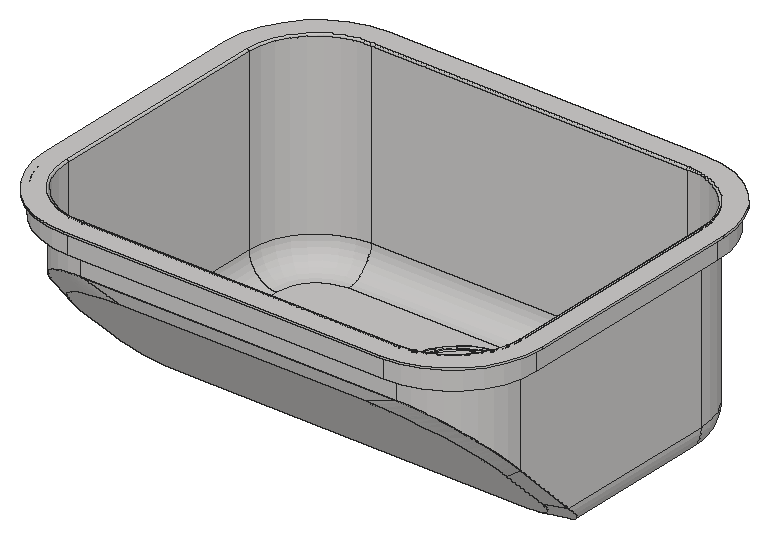
Revit family
Parameters
  Length = 550 mm  # constant formula
  Waste Connection Radius = Waste Connection Diameter / 2  # 45 mm
  Waste Connection = 1 = 1  # yes
  Vent Connection = 1 = 0  # no
  URL = "www.kwikot.com"
  Product Code = "SWT-RIBP"
  Model = "Classique Wash Trough Laundry Series"
  Manufacturer = "Kwikot"  # constant formula
  Keynote = "22 41 16.16"
  Drain Stopper Visibility = yes
  Description = "Single Bowl Stainless Steel Drop In"
  Width = 450 mm  # constant formula
  Depth = 230 mm  # constant formula
  HW Connection = 1 = 0  # no
  Family created by = "www.rbuiltcomponents.com"
  Waste Connection Diameter = 90 mm  # constant formula
  CW Connection = 1 = 0  # no
  Body Finish = Stainless_Steel-Kwikot-Satin
  Assembly Code = "D2010400"
Reference planes
  plane 1 "Bottom": z = 0
  plane 2 "Center (Front/Back)": y = -188
  plane 3 "Center (Left/Right)": x = -140
  plane 4 "Top": z = 230
  plane 5 "Bowl Top": z = 228
  plane 6: x = -415
  plane 7: x = 135
  plane 8: y = -413
  plane 9 "Back": y = 37
  plane 10: x = 110
  plane 11: x = -390
  plane 12: y = 12
  plane 13: y = -388
  plane 14 "Drain": y = -83
  plane 15 "Slope": through (0, -181.143, -33.143) normal (0, 0.7071, 0.7071)
Forms (mm)
  Sweep 1, solid, material "Stainless_Steel-Kwikot-Satin" <- "Body Finish"
    path origin (0, 0, 230) x (-1, 0, 0) y (0, -1, 0)
      loop
        arc (315, -12) -> (368.033, 9.967) -> (390, 63) r 75
        line (390, 63) -> (390, 313)
        arc (390, 313) -> (368.033, 366.033) -> (315, 388) r 75
        line (315, 388) -> (-35, 388)
        arc (-35, 388) -> (-88.033, 366.033) -> (-110, 313) r 75
        line (-110, 313) -> (-110, 63)
        arc (-110, 63) -> (-88.033, 9.967) -> (-35, -12) r 75
        line (-35, -12) -> (315, -12)
    profile origin (-140, 12, 230) x (0, 1, 0) y (0, 0, 1)
      loop
        line (0, -2) -> (0, -198)
        arc (0, -198) -> (-9.08, -219.92) -> (-31, -229) r 31
        line (-31, -229) -> (-35, -229) -> (-35, -230) -> (-31, -230)
        arc (-31, -230) -> (-8.373, -220.627) -> (1, -198) r 32
        line (1, -198) -> (1, -3)
        arc (1, -3) -> (1.293, -2.293) -> (2, -2) r 1
        line (2, -2) -> (18, -2) -> (18, -26) -> (19, -26) -> (19, -2) -> (25, -2) -> (25, 0) -> (2, 0)
        arc (2, 0) -> (0.586, -0.586) -> (0, -2) r 2
  Extrusion 2, solid, material "Stainless_Steel-Kwikot-Satin" <- "Body Finish"
    sketch origin (0, 0, 0) x (1, 0, 0) y (0, 1, 0)
      loop
        circle (-140, -83) r 58.5
      loop
        arc (-315, -23) -> (-343.284, -34.716) -> (-355, -63) r 40
        line (-355, -63) -> (-355, -313) -> (75, -313) -> (75, -63)
        arc (75, -63) -> (63.284, -34.716) -> (35, -23) r 40
        line (35, -23) -> (-315, -23)
    from 1 to 0
  Revolve 3, solid, material "Stainless_Steel-Kwikot-Satin" <- "Body Finish", visible <- "Drain Stopper Visibility"
    sketch origin (0, -83, 0) x (1, 0, 0) y (0, 0, 1)
      loop
        line (-140.039, 1.027) -> (-144.084, 1.027)
        arc (-144.084, 1.027) -> (-145.334, -0.223) -> (-144.084, -1.473) r 1.25
        line (-144.084, -1.473) -> (-143.039, -1.473) -> (-143.039, -6.473)
        arc (-143.039, -6.473) -> (-144.211, -9.301) -> (-147.039, -10.473) r 4
        line (-147.039, -10.473) -> (-175.039, -10.473)
        arc (-175.039, -10.473) -> (-178.575, -9.008) -> (-180.039, -5.473) r 5
        line (-180.039, -5.473) -> (-180.039, -3.995)
        arc (-180.039, -3.995) -> (-180.077, -2.357) -> (-181.489, -3.187) r 0.95
        line (-181.489, -3.187) -> (-181.489, -1.607)
        arc (-181.489, -1.607) -> (-181.782, -0.9) -> (-182.489, -0.607) r 1
        line (-182.489, -0.607) -> (-192.039, -0.607) -> (-192.039, -1.607) -> (-182.489, -1.607) -> (-182.489, -5.473) -> (-181.039, -5.473)
        arc (-181.039, -5.473) -> (-179.282, -9.715) -> (-175.039, -11.473) r 6
        line (-175.039, -11.473) -> (-140.039, -11.473) -> (-140.039, 1.027)
      axis (-140.039, 1.027) -> (-140.039, -11.473)
    angle from 0 to 360
  Extrusion 4, void
    sketch origin (-170.202, 60.252, 0) x (1, 0, 0) y (0, 1, 0)
      loop
        line (-2.798, -141.752) -> (-2.798, -144.752) -> (7.202, -144.752) -> (7.202, -141.752) -> (-2.798, -141.752)
      loop
        line (63.202, -141.752) -> (53.202, -141.752) -> (53.202, -144.752) -> (63.202, -144.752) -> (63.202, -141.752)
      loop
        line (-0.86, -154.494) -> (0.288, -157.266) -> (9.527, -153.439) -> (8.379, -150.667) -> (-0.86, -154.494)
      loop
        line (60.116, -129.237) -> (50.877, -133.064) -> (52.025, -135.836) -> (61.264, -132.009) -> (60.116, -129.237)
      loop
        line (5.807, -165.525) -> (7.928, -167.647) -> (14.999, -160.576) -> (12.878, -158.454) -> (5.807, -165.525)
      loop
        line (52.476, -118.856) -> (45.405, -125.927) -> (47.526, -128.049) -> (54.597, -120.978) -> (52.476, -118.856)
      loop
        line (16.188, -173.166) -> (18.959, -174.314) -> (22.786, -165.075) -> (20.015, -163.927) -> (16.188, -173.166)
      loop
        line (41.445, -112.189) -> (37.618, -121.428) -> (40.39, -122.576) -> (44.216, -113.338) -> (41.445, -112.189)
      loop
        line (28.702, -176.252) -> (31.702, -176.252) -> (31.702, -166.252) -> (28.702, -166.252) -> (28.702, -176.252)
      loop
        line (28.702, -110.252) -> (28.702, -120.252) -> (31.702, -120.252) -> (31.702, -110.252) -> (28.702, -110.252)
      loop
        line (41.445, -174.314) -> (44.216, -173.166) -> (40.39, -163.927) -> (37.618, -165.075) -> (41.445, -174.314)
      loop
        line (16.188, -113.338) -> (20.015, -122.576) -> (22.786, -121.428) -> (18.959, -112.189) -> (16.188, -113.338)
      loop
        line (52.476, -167.647) -> (54.597, -165.525) -> (47.526, -158.454) -> (45.405, -160.576) -> (52.476, -167.647)
      loop
        line (5.807, -120.978) -> (12.878, -128.049) -> (14.999, -125.927) -> (7.928, -118.856) -> (5.807, -120.978)
      loop
        line (60.116, -157.266) -> (61.264, -154.494) -> (52.025, -150.667) -> (50.877, -153.439) -> (60.116, -157.266)
      loop
        line (-0.86, -132.009) -> (8.379, -135.836) -> (9.527, -133.064) -> (0.288, -129.237) -> (-0.86, -132.009)
    from -16.779 to 10
  Revolve 5, solid, material "Stainless_Steel-Kwikot-Satin" <- "Body Finish"
    sketch origin (0, -83, 0) x (1, 0, 0) y (0, 0, 1)
      loop
        line (-185, -2.086) -> (-194.595, -2.086)
        arc (-194.595, -2.086) -> (-195.24, -1.763) -> (-195.5, -1.091) r 1
        line (-195.5, -1.091) -> (-195.5, 0)
        arc (-195.5, 0) -> (-195.793, 0.707) -> (-196.5, 1) r 1
        line (-196.5, 1) -> (-198.5, 1) -> (-198.5, 0) -> (-196.5, 0) -> (-196.5, -1.091)
        arc (-196.5, -1.091) -> (-195.961, -2.457) -> (-194.634, -3.086) r 2
        line (-194.634, -3.086) -> (-186, -3.086) -> (-186, -7) -> (-185, -7) -> (-185, -2.086)
      axis (-140, 1) -> (-140, -7)
    angle from 0 to 360
  Extrusion 6, void
    sketch origin (-140, 0, 0) x (0, 1, 0) y (0, 0, 1)
      loop
        line (-214.287, 0) -> (-413, 198.713) -> (-413, 0) -> (-214.287, 0)
    from -300 to 300
  SweptBlend 7, solid, material "Stainless_Steel-Kwikot-Satin" <- "Body Finish"
    path origin (-140, 0, 0) x (0, 1, 0) y (0, 0, 1)
      loop
        line (-301.643, 87.357) -> (-307.316, 81.684)
    profile origin (-140, -301.643, 87.357) x (0, 0.707107, -0.707107) y (1, 0, 0)
      loop
        spline (-123.541, -175) -> (-122.614, -184.956) -> (-119.877, -194.665) -> (-115.356, -204.085) -> (-109.138, -212.997) -> (-101.327, -221.268) -> (-92.056, -228.737) -> (-81.496, -235.291) -> (-69.784, -240.821) -> (-57.207, -245.208) -> (-43.86, -248.412) -> (-30.159, -250.34) -> (-16.061, -251)
        line (-16.061, -251) -> (78.286, -251)
        spline (78.286, -251) -> (84.216, -250.723) -> (89.993, -249.91) -> (95.601, -248.565) -> (100.915, -246.712) -> (105.836, -244.387) -> (110.286, -241.628) -> (114.189, -238.48) -> (117.475, -234.997) -> (120.093, -231.243) -> (121.996, -227.286) -> (123.149, -223.195) -> (123.541, -219)
        line (123.541, -219) -> (123.541, 219)
        spline (123.541, 219) -> (123.149, 223.193) -> (122, 227.278) -> (120.097, 231.243) -> (117.477, 235.001) -> (114.189, 238.481) -> (110.287, 241.627) -> (105.835, 244.387) -> (100.909, 246.711) -> (95.6, 248.562) -> (90.005, 249.908) -> (84.219, 250.723) -> (78.286, 251)
        line (78.286, 251) -> (-16.061, 251)
        spline (-16.061, 251) -> (-30.156, 250.34) -> (-43.866, 248.411) -> (-57.208, 245.207) -> (-69.784, 240.821) -> (-81.496, 235.291) -> (-92.056, 228.742) -> (-101.327, 221.268) -> (-109.145, 212.988) -> (-115.349, 204.095) -> (-119.882, 194.657) -> (-122.607, 184.969) -> (-123.541, 175)
        line (-123.541, 175) -> (-123.541, -175)
    end profile origin (-140, -307.316, 81.684) x (0, 0.707107, -0.707107) y (1, 0, 0)
      loop
        arc (108.541, 186) -> (93.896, 221.355) -> (58.541, 236) r 50
        line (58.541, 236) -> (-8.541, 236)
        arc (-8.541, 236) -> (-79.252, 206.711) -> (-108.541, 136) r 100
        line (-108.541, 136) -> (-108.541, -136)
        arc (-108.541, -136) -> (-79.252, -206.711) -> (-8.541, -236) r 100
        line (-8.541, -236) -> (58.541, -236)
        arc (58.541, -236) -> (93.896, -221.355) -> (108.541, -186) r 50
        line (108.541, -186) -> (108.541, 186)
  Extrusion 8, solid, material "Stainless_Steel-Kwikot-Satin" <- "Body Finish"
    sketch origin (-140, 0, 0) x (0, 1, 0) y (0, 0, 1)
      loop
        line (-366.198, 154.104) -> (-366.198, 158.226)
        arc (-366.198, 158.226) -> (-367.657, 161.748) -> (-371.18, 163.207) r 4.981
        line (-371.18, 163.207) -> (-377.494, 163.207) -> (-224.629, 10.342) -> (-224.629, 16.788)
        arc (-224.629, 16.788) -> (-226.093, 20.324) -> (-229.629, 21.788) r 5
        line (-229.629, 21.788) -> (-233.771, 21.788)
        arc (-233.771, 21.788) -> (-237.306, 23.253) -> (-238.771, 26.788) r 5
        line (-238.771, 26.788) -> (-238.771, 30.93)
        arc (-238.771, 30.93) -> (-240.235, 34.466) -> (-243.771, 35.93) r 5
        line (-243.771, 35.93) -> (-247.913, 35.93)
        arc (-247.913, 35.93) -> (-251.449, 37.395) -> (-252.913, 40.93) r 5
        line (-252.913, 40.93) -> (-252.913, 45.072)
        arc (-252.913, 45.072) -> (-254.378, 48.608) -> (-257.913, 50.072) r 5
        line (-257.913, 50.072) -> (-262.055, 50.072)
        arc (-262.055, 50.072) -> (-265.591, 51.537) -> (-267.055, 55.072) r 5
        line (-267.055, 55.072) -> (-267.055, 59.214)
        arc (-267.055, 59.214) -> (-268.52, 62.75) -> (-272.055, 64.214) r 5
        line (-272.055, 64.214) -> (-276.197, 64.214)
        arc (-276.197, 64.214) -> (-279.733, 65.679) -> (-281.197, 69.214) r 5
        line (-281.197, 69.214) -> (-281.197, 73.357)
        arc (-281.197, 73.357) -> (-282.662, 76.892) -> (-286.197, 78.357) r 5
        line (-286.197, 78.357) -> (-290.339, 78.357)
        arc (-290.339, 78.357) -> (-293.875, 79.821) -> (-295.339, 83.357) r 5
        line (-295.339, 83.357) -> (-295.339, 87.499)
        arc (-295.339, 87.499) -> (-296.804, 91.034) -> (-300.339, 92.499) r 5
        line (-300.339, 92.499) -> (-304.482, 92.499)
        arc (-304.482, 92.499) -> (-308.017, 93.963) -> (-309.482, 97.499) r 5
        line (-309.482, 97.499) -> (-309.482, 101.641)
        arc (-309.482, 101.641) -> (-310.946, 105.176) -> (-314.482, 106.641) r 5
        line (-314.482, 106.641) -> (-318.624, 106.641)
        arc (-318.624, 106.641) -> (-322.159, 108.105) -> (-323.624, 111.641) r 5
        line (-323.624, 111.641) -> (-323.624, 115.783)
        arc (-323.624, 115.783) -> (-325.088, 119.318) -> (-328.624, 120.783) r 5
        line (-328.624, 120.783) -> (-332.766, 120.783)
        arc (-332.766, 120.783) -> (-336.302, 122.247) -> (-337.766, 125.783) r 5
        line (-337.766, 125.783) -> (-337.766, 129.924)
        arc (-337.766, 129.924) -> (-339.231, 133.459) -> (-342.765, 134.923) r 4.999
        line (-342.765, 134.923) -> (-346.913, 134.923)
        arc (-346.913, 134.923) -> (-350.451, 136.389) -> (-351.917, 139.927) r 5.005
        line (-351.917, 139.927) -> (-351.917, 144.049)
        arc (-351.917, 144.049) -> (-353.376, 147.571) -> (-356.899, 149.03) r 4.981
        line (-356.899, 149.03) -> (-361.124, 149.03)
        arc (-361.124, 149.03) -> (-364.712, 150.516) -> (-366.198, 154.104) r 5.074
    from -200 to 200
Cuts and joins
  Extrusion 4 cuts Revolve 3
  Extrusion 6 cuts Sweep 1
  Extrusion 6 cuts Extrusion 2
  joined: Sweep 1, Extrusion 2
  joined: SweptBlend 7, Extrusion 8
Lines and regions (mm)
  Masking region 1
    outline origin (0, 0, 0) x (1, 0, 0) y (0, 1, 0)
      loop
        arc (-315, 37) -> (-385.711, 7.711) -> (-415, -63) r 100
        line (-415, -63) -> (-415, -313)
        arc (-415, -313) -> (-385.711, -383.711) -> (-315, -413) r 100
        line (-315, -413) -> (35, -413)
        arc (35, -413) -> (105.711, -383.711) -> (135, -313) r 100
        line (135, -313) -> (135, -63)
        arc (135, -63) -> (105.711, 7.711) -> (35, 37) r 100
        line (35, 37) -> (-315, 37)
  Masking region 2
    outline origin (0, -188, 0) x (1, 0, 0) y (0, 0, 1)
      loop
        line (135, 230) -> (-415, 230) -> (-415, 228) -> (-409, 228) -> (-409, 204) -> (-389.75, 204) -> (-387.023, 29.476)
        arc (-387.023, 29.476) -> (-378.055, 8.602) -> (-357.028, 0) r 30
        line (-357.028, 0) -> (-186.25, 0) -> (-183.75, -5) -> (-96.25, -5) -> (-93.75, 0) -> (77.028, 0)
        arc (77.028, 0) -> (98.055, 8.602) -> (107.023, 29.476) r 30
        line (107.023, 29.476) -> (109.75, 204) -> (129, 204) -> (129, 228) -> (135, 228) -> (135, 230)
  Masking region 3
    outline origin (95, 0, 0) x (0, 1, 0) y (0, 0, 1)
      loop
        line (37, 230) -> (-413, 230) -> (-413, 228) -> (-406, 228) -> (-406, 204) -> (-387.63, 204) -> (-387.176, 174.522)
        arc (-387.176, 174.522) -> (-385.596, 167.034) -> (-381.32, 160.688) r 20
        line (-381.32, 160.688) -> (-226.49, 5.858)
        arc (-226.49, 5.858) -> (-220.002, 1.522) -> (-212.348, 0) r 20
        line (-212.348, 0) -> (-130.5, 0) -> (-128, -5) -> (-38, -5) -> (-35.354, 0.292)
        arc (-35.354, 0.292) -> (-3.828, 16.283) -> (9.243, 49.127) r 50
        line (9.243, 49.127) -> (11.63, 204) -> (30, 204) -> (30, 228) -> (37, 228) -> (37, 230)
  symbolic lines, style "Sink"
    curve 1: line (-186.25, -188, 0) -> (-93.75, -188, 0)
    curve 2: line (95, 11.63, 204) -> (95, -387.63, 204)
    curve 3: line (95, -35.5, 0) -> (95, -130.5, 0)
    curve 4: line (-315, 12, 0) -> (35, 12, 0)
    curve 5: line (-390, -313, 0) -> (-390, -63, 0)
    curve 6: line (35, -388, 0) -> (-315, -388, 0)
    curve 7: line (110, -63, 0) -> (110, -313, 0)
    curve 8: line (-390.125, -188, 204) -> (110.125, -188, 204)
    curve 9: arc (-315, 12, 0) -> (-368.033, -9.967, 0) -> (-390, -63, 0) r 75
    curve 10: arc (110, -63, 0) -> (88.033, -9.967, 0) -> (35, 12, 0) r 75
    curve 11: arc (110, -313, 0) -> (88.033, -366.033, 0) -> (35, -388, 0) r 75
    curve 12: arc (-315, -388, 0) -> (-368.033, -366.033, 0) -> (-390, -313, 0) r 75
    curve 13: arc (-180.039, -82.748, 0) -> (-140.039, -42.748, 0) -> (-100.039, -82.748, 0) r 40
    curve 14: arc (-100.039, -82.748, 0) -> (-140.039, -122.748, 0) -> (-180.039, -82.748, 0) r 40
  symbolic lines, style "Sink", detail levels fine
    curve 15: arc (-195.039, -82.748, 0) -> (-140.039, -27.748, 0) -> (-85.039, -82.748, 0) r 55
    curve 16: arc (-85.039, -82.748, 0) -> (-140.039, -137.748, 0) -> (-195.039, -82.748, 0) r 55
    curve 18: line (-340, -224.629, 0) -> (-340, -369.629, 0)
    curve 19: line (60, -369.629, 0) -> (60, -224.629, 0)
    curve 20: line (60, -224.629, 0) -> (-340, -224.629, 0)
    curve 21: line (60, -237.129, 0) -> (-340, -237.129, 0)
    curve 22: line (60, -252.129, 0) -> (-340, -252.129, 0)
    curve 23: line (60, -267.129, 0) -> (-340, -267.129, 0)
    curve 24: line (60, -282.129, 0) -> (-340, -282.129, 0)
    curve 25: line (60, -297.129, 0) -> (-340, -297.129, 0)
    curve 26: line (60, -312.129, 0) -> (-340, -312.129, 0)
    curve 27: line (60, -327.129, 0) -> (-340, -327.129, 0)
    curve 28: line (60, -342.129, 0) -> (-340, -342.129, 0)
    curve 29: line (60, -357.129, 0) -> (-340, -357.129, 0)
    curve 30: line (60, -369.629, 0) -> (-340, -369.629, 0)
  reference lines
    curve 17: line (-390, -381.692, 167.405) -> (110, -381.692, 167.405)
Dimensions and locks
  locked: plane 4 "Top" to level at 230
  plane 4 "Top" to plane 5 "Bowl Top" = 2 mm
  equal spacing: plane 6, plane 3 "Center (Left/Right)", plane 7
  locked: plane 6 to plane 7 at 550
  equal spacing: plane 11, plane 3 "Center (Left/Right)", plane 10
  locked: plane 11 to plane 10 at 500
  equal spacing: plane 8, plane 2 "Center (Front/Back)", plane 9 "Back"
  locked: plane 8 to plane 9 "Back" at 450
  equal spacing: plane 13, plane 2 "Center (Front/Back)", plane 12
  locked: plane 13 to plane 12 at 400
  locked: plane 14 "Drain" to plane 12 at 95
  locked: plane 15 "Slope" to plane 8 at 140.511
  locked: plane 1 "Bottom" to plane 15 "Slope" (angle 45.00°)
  aligned and locked: plane 1 "Bottom" to Extrusion 6 sketch curve
  aligned and locked: plane 8 to Extrusion 6 sketch curve
  aligned and locked: plane 11 to curve 5
  aligned and locked: plane 12 to curve 4
  aligned and locked: curve 7 to plane 10
  aligned and locked: curve 6 to plane 13
  aligned and locked: plane 6 to Masking region 1 sketch curve
  aligned and locked: plane 9 "Back" to Masking region 1 sketch curve
  aligned and locked: Masking region 1 sketch curve to plane 7
  aligned and locked: Masking region 1 sketch curve to plane 8
  aligned and locked: Masking region 2 to curve 8
  aligned and locked: cut or joined group of Sweep 1, Extrusion 2, Extrusion 6 to curve 2
Automatic sketch dimensions
  plane 6 to Masking region 1 sketch curve = 100 mm
  Masking region 1 sketch curve to plane 7 = 100 mm
  Masking region 1 sketch curve to plane 13 = 75 mm
  plane 12 to Masking region 1 sketch curve = 75 mm
  Extrusion 4 sketch curve to plane 2 "Center (Front/Back)" = 103.5 mm  (x2)
  Extrusion 4 sketch curve to plane 3 "Center (Left/Right)" = 33 mm
  Extrusion 4 sketch curve to plane 2 "Center (Front/Back)" = 93.757 mm
  Extrusion 4 sketch curve to Extrusion 4 sketch curve = 1.938 mm  (x5)
  Extrusion 4 sketch curve to plane 2 "Center (Front/Back)" = 116.243 mm
  Extrusion 4 sketch curve to plane 2 "Center (Front/Back)" = 119.014 mm  (x2)
  Extrusion 4 sketch curve to Extrusion 4 sketch curve = 1.148 mm  (x8)
  Extrusion 4 sketch curve to plane 2 "Center (Front/Back)" = 90.986 mm  (x2)
  Extrusion 4 sketch curve to Extrusion 4 sketch curve = 5.519 mm  (x4)
  Extrusion 4 sketch curve to Extrusion 4 sketch curve = 10 mm
  Extrusion 4 sketch curve to Extrusion 4 sketch curve = 2.121 mm  (x8)
  Extrusion 4 sketch curve to plane 2 "Center (Front/Back)" = 97.584 mm  (x2)
  Extrusion 4 sketch curve to plane 2 "Center (Front/Back)" = 112.416 mm  (x2)
  Extrusion 4 sketch curve to Extrusion 4 sketch curve = 3.351 mm  (x8)
  Extrusion 4 sketch curve to Extrusion 4 sketch curve = 8.259 mm  (x4)
  Extrusion 4 sketch curve to Extrusion 4 sketch curve = 2.772 mm  (x4)
  Extrusion 4 sketch curve to Extrusion 4 sketch curve = 5.015 mm  (x8)
  Extrusion 4 sketch curve to plane 3 "Center (Left/Right)" = 1.5 mm  (x2)
  plane 3 "Center (Left/Right)" to Extrusion 4 sketch curve = 1.5 mm  (x2)
  Extrusion 4 sketch curve to Extrusion 4 sketch curve = 5.916 mm  (x2)
  Extrusion 4 sketch curve to Extrusion 4 sketch curve = 9.743 mm  (x2)
  Extrusion 4 sketch curve to Extrusion 4 sketch curve = 1.177 mm  (x3)
  Extrusion 4 sketch curve to plane 2 "Center (Front/Back)" = 106.5 mm  (x2)
  Sweep 1 sketch curve to plane 10 = 0 mm
  plane 13 to Sweep 1 sketch curve = 0 mm
  plane 12 to Sweep 1 sketch curve = 0 mm
  Sweep 1 sketch curve to plane 11 = 0 mm
  Sweep 1 sketch curve to plane 10 = 75 mm  (x2)
  plane 11 to Sweep 1 sketch curve = 75 mm  (x2)
  Sweep 1 sketch curve to Sweep 1 sketch curve = 0 mm  (x4)
  Sweep 1 sketch curve to Sweep 1 sketch curve = 1 mm  (x3)
  Sweep 1 sketch curve to profile plane = 0 mm  (x2)
  profile plane to Sweep 1 sketch curve = 31 mm
  Sweep 1 sketch curve to Sweep 1 sketch curve = 4 mm
  Sweep 1 sketch curve to profile plane = 1 mm
  Sweep 1 sketch curve to profile plane = 18 mm
  Sweep 1 sketch curve to Sweep 1 sketch curve = 6 mm
  Sweep 1 sketch curve to Sweep 1 sketch curve = 172 mm
  Sweep 1 sketch curve to Sweep 1 sketch curve = 24 mm
  Revolve 5 sketch curve to Revolve 5 sketch curve = 0 mm  (x3)
  Revolve 5 sketch curve to level = 0 mm  (x2)
  Revolve 5 sketch curve to plane 3 "Center (Left/Right)" = 0 mm
  Revolve 5 sketch curve to level = 7 mm
  Revolve 5 sketch curve to plane 3 "Center (Left/Right)" = 45 mm
  Revolve 5 sketch curve to Revolve 5 sketch curve = 1 mm  (x3)
  Revolve 5 sketch curve to level = 1.091 mm
  Revolve 5 sketch curve to Revolve 5 sketch curve = 8.5 mm
  Revolve 5 sketch curve to Revolve 5 sketch curve = 0.095 mm
  Revolve 5 sketch curve to Revolve 5 sketch curve = 0.039 mm
  Revolve 5 sketch curve to Revolve 5 sketch curve = 2 mm
  Revolve 5 sketch curve to level = 24.058 mm
  level to Revolve 5 sketch curve = 25.942 mm
  Revolve 3 sketch curve to Revolve 3 sketch curve = 0 mm  (x4)
  Revolve 3 sketch curve to level = 1.607 mm  (x2)
  Revolve 3 sketch curve to plane 3 "Center (Left/Right)" = 52.039 mm
  Revolve 3 sketch curve to Revolve 3 sketch curve = 9.55 mm
  Revolve 3 sketch curve to Revolve 3 sketch curve = 1 mm  (x2)
  Revolve 3 sketch curve to Revolve 3 sketch curve = 1.45 mm
  Revolve 3 sketch curve to Revolve 3 sketch curve = 0.95 mm
  Revolve 3 sketch curve to Revolve 3 sketch curve = 0.5 mm
  Revolve 3 sketch curve to Revolve 3 sketch curve = 5 mm
  Revolve 3 sketch curve to plane 3 "Center (Left/Right)" = 7.039 mm
  level to Revolve 3 sketch curve = 1.027 mm
  Revolve 3 sketch curve to plane 3 "Center (Left/Right)" = 4.084 mm
  Revolve 3 sketch curve to Revolve 3 sketch curve = 1.044 mm
  Revolve 3 sketch curve to plane 3 "Center (Left/Right)" = 0.039 mm  (x2)
  Revolve 3 sketch curve to Revolve 3 sketch curve = 1.58 mm
  Revolve 3 sketch curve to Revolve 3 sketch curve = 2.286 mm
  Revolve 3 sketch curve to Revolve 3 sketch curve = 12.558 mm
  Revolve 3 sketch curve to level = 1.473 mm
  Revolve 3 sketch curve to Revolve 3 sketch curve = 24.942 mm
  plane 14 "Drain" to Extrusion 2 sketch curve = 0 mm
  Extrusion 2 sketch curve to plane 3 "Center (Left/Right)" = 0 mm
  Extrusion 2 sketch curve to plane 3 "Center (Left/Right)" = 58.5 mm
  plane 12 to Extrusion 2 sketch curve = 35 mm
  plane 11 to Extrusion 2 sketch curve = 75 mm
  Extrusion 2 sketch curve to plane 14 "Drain" = 20 mm
  Extrusion 2 sketch curve to plane 10 = 75 mm
  Extrusion 2 sketch curve to plane 10 = 35 mm
  Extrusion 2 sketch curve to plane 13 = 75 mm
  plane 2 "Center (Front/Back)" to Extrusion 6 sketch curve = 26.287 mm
  profile plane to SweptBlend 7 sketch curve = 123.541 mm
  profile plane to SweptBlend 7 sketch curve = 16.061 mm  (x2)
  SweptBlend 7 sketch curve to plane 3 "Center (Left/Right)" = 251 mm
  SweptBlend 7 sketch curve to profile plane = 78.286 mm
  SweptBlend 7 sketch curve to SweptBlend 7 sketch curve = 45.255 mm  (x2)
  SweptBlend 7 sketch curve to SweptBlend 7 sketch curve = 32 mm  (x2)
  plane 3 "Center (Left/Right)" to SweptBlend 7 sketch curve = 175 mm
  SweptBlend 7 sketch curve to SweptBlend 7 sketch curve = 76 mm  (x2)
  profile plane to SweptBlend 7 sketch curve = 108.541 mm
  profile plane to SweptBlend 7 sketch curve = 8.541 mm  (x2)
  SweptBlend 7 sketch curve to profile plane = 58.541 mm
  SweptBlend 7 sketch curve to SweptBlend 7 sketch curve = 50 mm  (x2)
  SweptBlend 7 sketch curve to plane 3 "Center (Left/Right)" = 236 mm
  plane 3 "Center (Left/Right)" to SweptBlend 7 sketch curve = 136 mm
  SweptBlend 7 sketch curve to plane 15 "Slope" = 0 mm
  SweptBlend 7 sketch curve to plane 13 = 80.684 mm
  SweptBlend 7 sketch curve to SweptBlend 7 sketch curve = 5.673 mm  (x2)
  curve 17 to plane 10 = 0 mm
  curve 17 to plane 11 = 0 mm
  Extrusion 8 sketch curve to plane 15 "Slope" = 0 mm  (x2)
  Extrusion 8 sketch curve to plane 13 = 10.506 mm
  Extrusion 8 sketch curve to Extrusion 8 sketch curve = 4.981 mm  (x2)
  Extrusion 8 sketch curve to Extrusion 8 sketch curve = 5.074 mm
  Extrusion 8 sketch curve to Extrusion 8 sketch curve = 4.226 mm
  Extrusion 8 sketch curve to Extrusion 8 sketch curve = 5.005 mm
  Extrusion 8 sketch curve to Extrusion 8 sketch curve = 4.147 mm
  Extrusion 8 sketch curve to Extrusion 8 sketch curve = 4.999 mm
  Extrusion 8 sketch curve to Extrusion 8 sketch curve = 5 mm  (x16)
  Extrusion 8 sketch curve to Extrusion 8 sketch curve = 4.142 mm  (x15)
  Extrusion 8 sketch curve to Extrusion 8 sketch curve = 4.141 mm
  Extrusion 8 sketch curve to Extrusion 8 sketch curve = 4.121 mm
  Extrusion 8 sketch curve to Extrusion 8 sketch curve = 6.314 mm
  Extrusion 8 sketch curve to Extrusion 8 sketch curve = 6.446 mm
  curve 13 to curve 15 = 0 mm  (x2)
  plane 11 to curve 29 = 50 mm
  plane 11 to curve 9 = 75 mm
  curve 18 to curve 6 = 25 mm
  curve 15 to plane 14 "Drain" = 0.252 mm
  curve 15 to plane 3 "Center (Left/Right)" = 55.039 mm
  curve 15 to curve 13 = 15 mm
  curve 16 to plane 3 "Center (Left/Right)" = 0.039 mm
  curve 10 to plane 10 = 75 mm
  curve 11 to plane 10 = 75 mm
  curve 19 to plane 13 = 18.371 mm
  curve 11 to curve 19 = 25 mm
  curve 30 to curve 29 = 12.5 mm
  curve 29 to curve 28 = 15 mm
  curve 28 to curve 27 = 15 mm
  curve 27 to curve 26 = 15 mm
  curve 26 to curve 25 = 15 mm
  curve 25 to curve 24 = 15 mm
  curve 24 to curve 23 = 15 mm
  curve 23 to curve 22 = 15 mm
  curve 22 to curve 21 = 15 mm
  curve 21 to curve 18 = 12.5 mm
  Extrusion 6 sketch curve to plane 15 "Slope" = 0 mm
  curve 1 to level = 0 mm
  curve 8 to plane 11 = 0.125 mm
  curve 1 to plane 3 "Center (Left/Right)" = 46.25 mm
  plane 3 "Center (Left/Right)" to curve 1 = 46.25 mm
  plane 10 to curve 8 = 0.125 mm
  Masking region 2 sketch curve to plane 5 "Bowl Top" = 0 mm  (x2)
  Masking region 2 sketch curve to plane 6 = 0 mm
  Masking region 2 sketch curve to level = 0 mm  (x2)
  Masking region 2 sketch curve to plane 7 = 0 mm
  Masking region 2 sketch curve to plane 4 "Top" = 0 mm
  plane 6 to Masking region 2 sketch curve = 6 mm
  plane 11 to Masking region 2 sketch curve = 0.25 mm
  plane 11 to Masking region 2 sketch curve = 2.977 mm
  plane 11 to Masking region 2 sketch curve = 32.972 mm
  Masking region 2 sketch curve to plane 3 "Center (Left/Right)" = 46.25 mm
  Masking region 2 sketch curve to Masking region 2 sketch curve = 2.5 mm  (x2)
  Masking region 2 sketch curve to level = 5 mm
  plane 3 "Center (Left/Right)" to Masking region 2 sketch curve = 43.75 mm
  Masking region 2 sketch curve to plane 10 = 32.972 mm
  Masking region 2 sketch curve to plane 10 = 2.977 mm
  Masking region 2 sketch curve to plane 10 = 0.25 mm
  Masking region 2 sketch curve to plane 7 = 6 mm
  level to Masking region 2 sketch curve = 29.476 mm  (x2)
  Masking region 2 sketch curve to plane 5 "Bowl Top" = 24 mm  (x2)
  Masking region 3 sketch curve to plane 4 "Top" = 0 mm
  Masking region 3 sketch curve to plane 8 = 0 mm
  Masking region 3 sketch curve to plane 5 "Bowl Top" = 0 mm  (x2)
  Masking region 3 sketch curve to level = 0 mm
  Masking region 3 sketch curve to plane 9 "Back" = 0 mm
  Masking region 3 sketch curve to plane 8 = 7 mm
  Masking region 3 sketch curve to plane 13 = 0.37 mm
  Masking region 3 sketch curve to plane 13 = 0.824 mm
  Masking region 3 sketch curve to plane 13 = 6.68 mm
  Masking region 3 sketch curve to Masking region 3 sketch curve = 19.998 mm
  level to Masking region 3 sketch curve = 5.858 mm
  plane 2 "Center (Front/Back)" to Masking region 3 sketch curve = 38.49 mm
  Masking region 3 sketch curve to Masking region 3 sketch curve = 14.142 mm
  plane 14 "Drain" to Masking region 3 sketch curve = 47.5 mm
  Masking region 3 sketch curve to Masking region 3 sketch curve = 2.5 mm
  Masking region 3 sketch curve to plane 14 "Drain" = 42.251 mm
  Masking region 3 sketch curve to level = 5 mm
  Masking region 3 sketch curve to plane 14 "Drain" = 45 mm
  level to Masking region 3 sketch curve = 0.292 mm
  Masking region 3 sketch curve to Masking region 3 sketch curve = 2.646 mm
  plane 12 to Masking region 3 sketch curve = 2.757 mm
  plane 12 to Masking region 3 sketch curve = 0.37 mm
  plane 9 "Back" to Masking region 3 sketch curve = 7 mm
  level to Masking region 3 sketch curve = 49.127 mm
  Masking region 3 sketch curve to plane 5 "Bowl Top" = 67.312 mm
  Masking region 3 sketch curve to Masking region 3 sketch curve = 13.834 mm
  Masking region 3 sketch curve to plane 5 "Bowl Top" = 24 mm  (x2)
  curve 3 to level = 0 mm
  curve 2 to plane 13 = 0.37 mm
  plane 14 "Drain" to curve 3 = 47.5 mm
  plane 12 to curve 3 = 47.5 mm
  plane 12 to curve 2 = 0.37 mm
